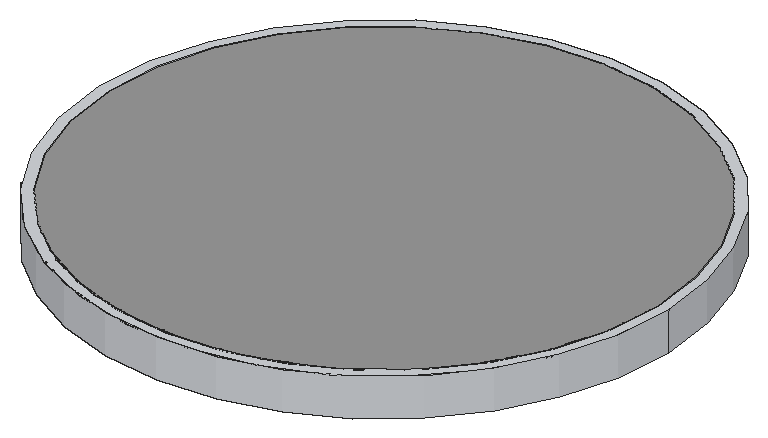
Revit family "2071268", category Lighting Fixtures, host Face, Revit 2018
Family settings
  Host = Face
  Round Connector Dimension = Use Diameter
  Part Type = Normal
  OmniClass Number = 23.80.70.00
  OmniClass Title = Lighting
  Cut with Voids When Loaded = No
  Light Source = Yes
  Shared = No
  Room Calculation Point = No
Parameters (values of type "2071268 COLOSSAL 900 840 OP DIR+H WHT SSC")
  iner diameter = 856 mm
  Weight = "n/a"
  Wattage Comments = ""
  Wattage = 30 W
  WarrantyStartDate [instance] = "n/a"
  WarrantyGuarantorParts = "n/a"
  WarrantyDurationUnit = "n/a"
  WarrantyDurationParts = ""
  WarrantyDescription = "http://www.sylvania-lighting.com"
  built-in parameter 1150110 = 1 (stored number, unit not read)
  Voltage = 230 V
  URL = "0.95"
  TypeName = "COLOSSAL 900mm 840 OPAL DIR+HAL WHITE SSC"
  Type Image = <None>
  Type Comments = "n/a"
  built-in parameter 1114217 = 1 (stored number, unit not read)
  Tilt Angle = -90.00°
  built-in parameter 1150109 = 1 (stored number, unit not read)
  built-in parameter 1150134 = (empty or 0)
  built-in parameter 1150113 = 1 (stored number, unit not read)
  SerialNumber [instance] = "n/a"
  Photometric Web File = "2071268.ies"
  Material_3_SYL = LED-Sylvania
  PowerFactor = 0
  PowerConsumption = "Lighting"
  NominalLength = 888 mm
  NominalHeight = 93 mm
  NominalDepth = 888 mm
  Name = "COLOSSAL 900mm 840 OPAL DIR+HAL WHITE SSC"
  ModelReference = Name  # "COLOSSAL 900mm 840 OPAL DIR+HAL WHITE SSC"
  ModelNumber = "2071268"
  Model = Name  # "COLOSSAL 900mm 840 OPAL DIR+HAL WHITE SSC"
  Material = "Feilo Sylvania"
  ManufacturerName = "144 lm/W"
  Manufacturer = ""
  LuminousEfficacy = ""
  built-in parameter 1150105 = 270.44 (stored number, unit not read)
  Lumens = 3398.4 lm
  LuminaireType = "0"
  built-in parameter 1150115 = 1 (stored number, unit not read)
  LightOutputRatio = "LED"
  built-in parameter 1150137 = (empty or 0)
  built-in parameter 1150139 = (empty or 0)
  LampsType = Lamp  # "n/a"
  LampNominalLuminous = "4000 K"
  LampMacAdamStep = "80"
  LampColourTemperature = "LED"
  LampColourRenderingIndex = "16500"
  built-in parameter 1150112 = 1 (stored number, unit not read)
  built-in parameter 1150114 = 1 (stored number, unit not read)
  Lamp = "n/a"
  Keynote = "n/a"
  InstallationDate [instance] = "n/a"
  InputVoltage = "0"
  InputNominalFrequency = "4000"
  built-in parameter 1150132 = (empty or 0)
  built-in parameter 1150102 = (empty or 0)
  built-in parameter 1150107 = 3000 (stored number, unit not read)
  built-in parameter 1150138 = (empty or 0)
  IngressProtection = "IfcLightFixtureType"
  ImpactProtectionIndex = "IfcLightFixtureType"
  built-in parameter 1150106 = 2.7044 (stored number, unit not read)
  IfcExportType = "IfcLightFixtureType"
  IfcExportAs = "Class I"
  Emit from Circle Diameter = 385 mm
  Emit Shape Visible in Rendering = no
  ElectricShockClassification = "144"
  built-in parameter 1150104 = 10.524 (stored number, unit not read)
  DocumentationLiterature = "http://www.sylvania-lighting.com/product/en-int/products/2071268"
  DimmingControlOptions = "n/a"
  Material_2_SYL = Polycarbonate_Sylvania_White
  Dimming Lamp Color Temperature Shift = <None>
  Description = "900mm diameter circular architectural luminaire, can be surface mounted or suspended. Powder coated aluminium housing (RAL9016) with polycarbonate opal diffuser. Direct/indirect (halo) light distribution, 11025lm luminuous flux, 76.8W system power, 144lm/W luminiaire efficacy. Sylsmart Standalone enabled. Colour rendering index Ra >80, 4000K Neutral White LED, chromaticity tolerance of 3-step MacAdam ellipse. IP40/IP20, IK03. 450mA drive current. Electrical protection Class1, 220-240V. Reported lifetime 66k hours L90B10."
  Default Elevation = 1219.2 mm
  CreatedOn = "23/03/2022"
  CreatedBy = "@sylvania-lighting.com"
  Cost = 0
  Color Filter = 16777215
  built-in parameter 1114216 [instance] = (empty or 0)
  ClassificationValue = "EF_70_80"
  ClassificationName = "Uniclass2015"
  Material_1_SYL = Polycarbonate_Sylvania_Opal
  BarCode [instance] = "n/a"
  built-in parameter 1114218 = 1 (stored number, unit not read)
  built-in parameter 1150133 = 10 (stored number, unit not read)
  AssetType = "Fixed"
  AssetIdentifier [instance] = "n/a"
  Assembly Code = "D5020200"
  Apparent Load = 76.8 VA
  Material_4_SYL = none
Reference planes
  plane 1 "Center (Front/Back)": y = 0
  plane 2: z = 0
  plane 3 "Center (Left/Right)": x = 0
  plane 4: z = 1.161
  plane 5: z = 16.161
  plane 6: x = -444
  plane 7: x = 444
  plane 8: y = 444
  plane 9: y = -444
  plane 10: y = 236
  plane 11: y = -236
  plane 12: x = 85
  plane 13: x = -85
  plane 14: through (0, 0, 1219.2) normal (0.5, 0.866, 0)
  plane 15: through (42.5, 73.612, 1219.2) normal (0.5, 0.866, 0)
  plane 16: through (-42.5, -73.612, 1219.2) normal (0.5, 0.866, 0)
  plane 17: through (0, 0, 1219.2) normal (0.5, -0.866, 0)
  plane 18: through (-42.5, 73.612, 1219.2) normal (0.5, -0.866, 0)
  plane 19: through (42.5, -73.612, 1219.2) normal (0.5, -0.866, 0)
  plane 20: z = 93
  plane 21: y = 428
  plane 22: y = -428
Forms (mm)
  Extrusion 1, solid, detail levels medium+fine
    sketch origin (0, 0, 0) x (0.866025, -0.5, 0) y (0.5, 0.866025, 0)
      loop
        circle (-50, 86.603) r 22
    from 0 to 2
  Extrusion 2, solid, detail levels medium+fine
    sketch origin (0, 0, 0) x (0.866025, -0.5, 0) y (0.5, 0.866025, 0)
      loop
        circle (100, 0) r 22
      loop
        circle (-50, -86.603) r 22
    from 0 to 2
  Blend 3, solid, detail levels medium+fine
    base sketch origin (0, 0, 0) x (1, 0, 0) y (0, 1, 0)
      loop
        line (-85, 236) -> (-246.882, -44.388) -> (-161.882, -191.612) -> (161.882, -191.612) -> (246.882, -44.388) -> (85, 236) -> (-85, 236)
    top sketch origin (0, 0, 0) x (1, 0, 0) y (0, 1, 0)
      loop
        line (-85, 283.076) -> (-287.651, -67.926) -> (-207.792, -218.119) -> (207.792, -218.119) -> (292.5, -71.401) -> (85, 283.076) -> (-85, 283.076)
    from 0 to 33.022
  Extrusion 4, solid, detail levels medium+fine
    sketch origin (0, 0, 0) x (1, 0, 0) y (0, 1, 0)
      loop
        circle (0, 0) r 444
    from 33.022 to 93
  Extrusion 5, void
    sketch origin (0, 0, 0) x (1, 0, 0) y (0, 1, 0)
      loop
        circle (0, 0) r 428
    from 96.588 to 37.292
  Extrusion 6, solid, material "Glass, White, High Luminance", detail levels fine
    sketch origin (0, 0, 0) x (1, 0, 0) y (0, 1, 0)
      loop
        circle (0, 0) r 428
    from 87.991 to 93
  Extrusion 7, solid, detail levels coarse
    sketch origin (0, 0, 0) x (1, 0, 0) y (0, 1, 0)
      loop
        line (-444, 444) -> (-444, -444) -> (444, -444) -> (444, 444) -> (-444, 444)
    from 0 to 93.648
Cuts and joins
  Extrusion 5 cuts Extrusion 1
  Extrusion 5 cuts Extrusion 2
  Extrusion 5 cuts Blend 3
  Extrusion 5 cuts Extrusion 4
Lines and regions (mm)
  model lines, detail levels medium+fine
    curve 1: circle (0, 0, 0) r 100 normal (0, 0, 1)
Dimensions and locks
  "NominalDepth": plane 8 to plane 9
  plane 8 to plane 1 "Center (Front/Back)" to plane 9 = 444 mm, 444 mm
  "NominalLength": plane 6 to plane 7
  equal spacing: plane 6, plane 3 "Center (Left/Right)", plane 7
  "NominalHeight": level to plane 20
  "iner diameter": plane 21 to plane 22
  equal spacing: plane 21, plane 1 "Center (Front/Back)", plane 22
  aligned and locked: plane 2 to host face
  aligned and locked: level to host face
Automatic sketch dimensions
  host sketch curve to host sketch curve = 2438.4 mm  (x2)
  Extrusion 1 sketch curve to plane 3 "Center (Left/Right)" = 0 mm
  Extrusion 1 sketch curve to plane 1 "Center (Front/Back)" = 100 mm
  plane 1 "Center (Front/Back)" to Extrusion 2 sketch curve = 50 mm
  Extrusion 2 sketch curve to plane 3 "Center (Left/Right)" = 86.603 mm
  Extrusion 2 sketch curve to Extrusion 2 sketch curve = 150 mm
  Extrusion 2 sketch curve to Extrusion 2 sketch curve = 86.603 mm
  plane 1 "Center (Front/Back)" to curve 1 = 0 mm
  curve 1 to plane 3 "Center (Left/Right)" = 0 mm
  plane 18 to Blend 3 sketch curve = 0 mm  (x2)
  plane 19 to Blend 3 sketch curve = 0 mm  (x2)
  Blend 3 sketch curve to plane 10 = 0 mm
  Blend 3 sketch curve to plane 13 = 0 mm  (x2)
  Blend 3 sketch curve to plane 12 = 0 mm  (x2)
  Blend 3 sketch curve to plane 16 = 0 mm  (x2)
  Blend 3 sketch curve to plane 15 = 0 mm
  plane 11 to Blend 3 sketch curve = 44.388 mm
  plane 1 "Center (Front/Back)" to Blend 3 sketch curve = 44.388 mm  (x2)
  plane 11 to Blend 3 sketch curve = 17.881 mm
  plane 1 "Center (Front/Back)" to Blend 3 sketch curve = 67.926 mm
  plane 1 "Center (Front/Back)" to Blend 3 sketch curve = 71.401 mm
  Blend 3 sketch curve to plane 7 = 151.5 mm
  plane 10 to Blend 3 sketch curve = 47.076 mm
  plane 1 "Center (Front/Back)" to Extrusion 4 sketch curve = 0 mm
  Extrusion 4 sketch curve to plane 3 "Center (Left/Right)" = 0 mm
  plane 1 "Center (Front/Back)" to Extrusion 5 sketch curve = 0 mm
  Extrusion 5 sketch curve to plane 3 "Center (Left/Right)" = 0 mm
  plane 1 "Center (Front/Back)" to Extrusion 6 sketch curve = 0 mm
  Extrusion 6 sketch curve to plane 3 "Center (Left/Right)" = 0 mm
  Extrusion 7 sketch curve to plane 6 = 0 mm
  Extrusion 7 sketch curve to plane 7 = 0 mm
  Extrusion 7 sketch curve to plane 9 = 0 mm
  Extrusion 7 sketch curve to plane 8 = 0 mm
  radius of Extrusion 1 sketch curve = 22 mm
  radius of Extrusion 2 sketch curve = 22 mm  (x2)
  radius of curve 1 = 100 mm
  radius of Extrusion 4 sketch curve = 444 mm
  radius of Extrusion 5 sketch curve = 428 mm
  radius of Extrusion 6 sketch curve = 428 mm
Connectors
  electrical at (0, 0, 0), driven by "Apparent Load", driven by "PowerFactor", driven by "Voltage"
    settings: index 1, voltage 230 V, apparent load 76.8 VA, apparent load phase1 0 VA, apparent load phase2 0 VA, apparent load phase3 0 VA, power factor 0, load classification "Lighting", number of poles 1, system type 30, power factor state 1, is connector primary yes, connector utility no, sub classification motor no, connector description ""
